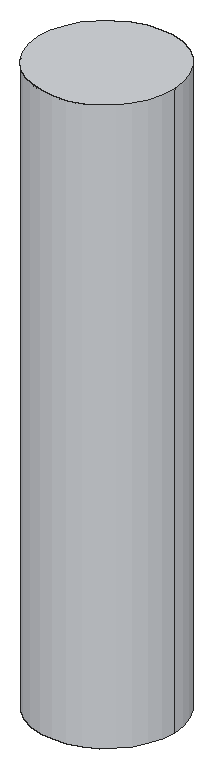
Revit family "5da4c7886a45483d994e54590c6c3f73", category Sprinklers, Revit 2021
Family settings
  Maintain Annotation Orientation = Yes
  Round Connector Dimension = Use Radius
  Part Type = Normal
  OmniClass Number = 23.65.70.17.11.24
  OmniClass Title = Fire Fighting Sprinkler Heads
  Seek Item ID = Sprinkler - Dry - Upright-0000-USA-ENU
  Work Plane-Based = No
  Always vertical = Yes
  Cut with Voids When Loaded = No
  Shared = No
  Room Calculation Point = No
Parameters (values of type "1/2" Upright")
  Temperature Rating = 135 °F
  Symbol [instance] = Sprinkler - Symbol - Upright : Sprinkler - Symbol - Upright
  Response = Standard
  Pressure Drop [instance] = 7.00 psi
  Pressure Class = Standard
  Overall Length = 2 3/8"
  Orifice Size = 1/2"
  Orifice = Standard
  K-Factor = 5.6
  Flow [instance] = 30 GPM
  Diameter = Nominal Radius * 2  # 1/2"
  Default Elevation = 0' - 0"
  Coverage = Standard
  Nominal Diameter = Nominal Radius * 2  # 1/2"
  Nominal Radius = 1/4"
  CEL = 1/4"
  Assembly Code = ""
Types (8): name | Symbol | Pressure Drop | Overall Length | Orifice Size | K-Factor | Flow | Diameter | Nominal Diameter | Nominal Radius | CEL
  1/2" Upright | Sprinkler - Symbol - Upright : Sprinkler - Symbol - Upright | 7.00 psi | 2 3/8" | 1/2" | 5.6 | 30 GPM | 1/2" | 1/2" | 1/4" | 1/4"
  1/2" Upright on Sprig | Sprinkler - Symbol - Upright on Sprig : Sprinkler - Symbol - Upright on Sprig | 7.00 psi | 2 3/8" | 1/2" | 5.6 | 30 GPM | 1/2" | 1/2" | 1/4" | 1/4"
  1/2" Upright on Sprig with Guard | Sprinkler - Symbol - Upright on Sprig with Guard : Sprinkler - Symbol - Upright on Sprig with Guard | 7.00 psi | 2 3/8" | 1/2" | 5.6 | 30 GPM | 1/2" | 1/2" | 1/4" | 1/4"
  1/2" Upright with Guard | Sprinkler - Symbol - Upright with Guard : Sprinkler - Symbol - Upright with Guard | 7.00 psi | 2 3/8" | 1/2" | 5.6 | 30 GPM | 1/2" | 1/2" | 1/4" | 1/4"
  3/4" Upright | Sprinkler - Symbol - Upright : Sprinkler - Symbol - Upright | 14.00 psi | 2 1/2" | 17/32" | 8 | 43 GPM | 3/4" | 3/4" | 3/8" | 3/8"
  3/4" Upright on Sprig | Sprinkler - Symbol - Upright on Sprig : Sprinkler - Symbol - Upright on Sprig | 14.00 psi | 2 1/2" | 17/32" | 8 | 43 GPM | 3/4" | 3/4" | 3/8" | 3/8"
  3/4" Upright on Sprig with Guard | Sprinkler - Symbol - Upright on Sprig with Guard : Sprinkler - Symbol - Upright on Sprig with Guard | 14.00 psi | 2 1/2" | 17/32" | 8 | 43 GPM | 3/4" | 3/4" | 3/8" | 3/8"
  3/4" Upright with Guard | Sprinkler - Symbol - Upright with Guard : Sprinkler - Symbol - Upright with Guard | 14.00 psi | 2 1/2" | 17/32" | 8 | 43 GPM | 3/4" | 3/4" | 3/8" | 3/8"
Reference planes (in)
  plane 1 "Center (Front/Back)": y = 0
  plane 2: z = 0
  plane 3 "Center (Left/Right)": x = 0
  plane 4: z = 2.125
  plane 5: z = -0.25
Forms (in)
  Extrusion 1, solid
    sketch origin (0, 0, 0) x (1, 0, 0) y (0, 1, 0)
      loop
        circle (0, 0) r 0.25
    from 0 to 2.125
Dimensions and locks (in)
  "Overall Length": plane 4 to plane 5
  "CEL": level to plane 5
  "Nominal Radius": radius of Extrusion 1 sketch curve
  aligned and locked: plane 4 to Extrusion 1
  aligned and locked: Extrusion 1 to level
  aligned and locked: plane 3 "Center (Left/Right)" to Extrusion 1 sketch curve
  aligned and locked: plane 1 "Center (Front/Back)" to Extrusion 1 sketch curve
  aligned and locked: plane 3 "Center (Left/Right)" to nested 1
  aligned and locked: plane 1 "Center (Front/Back)" to nested 1
Nested families (in)
  nested 1: "Sprinkler - Symbol - Upright" at (0, 0, 0), type <- "Symbol", type "Sprinkler - Symbol - Upright"
Connectors (in)
  piping at (0, 0, 0), diameter 0.5, driven by "Nominal Radius", driven by "Flow", driven by "Pressure Drop"
    settings: on Extrusion 1, index 1, connector inside diameter 1/2", connector length 0' - 0", flow factor 0, pipe flow 30 GPM, pressure drop 7.00 psi, fitting loss kfactor 0, connector angle 0.00°, fixture units 0, engagement length 0' - 0", angle of deflection 0.00°, flow configuration 1, flow direction 1, fitting loss method 4, system type 24, joint type 0, gender type 0, connector reference index -1, connector utility 0, adjustable connector no, is connector primary yes, connector description "In"
Definition of nested family "Sprinkler - Symbol - Upright"
  Parameters
    Symbol Radius = 0.5 * Symbol Diameter  # 0' - 0 1/16"
    Symbol Diameter = 0' - 0 1/8"
  Reference planes (in)
    plane 1: y = 0
    plane 2: x = 0
  Lines and regions (in)
    detail lines
      curve 1: circle (0, 0, 0) r 0.0625 normal (0, 0, 1)
  Dimensions and locks (in)
    "Symbol Radius": radius of curve 1
  Automatic sketch dimensions
    curve 1 to plane 1 = 0' - 0"
    curve 1 to plane 2 = 0' - 0"
